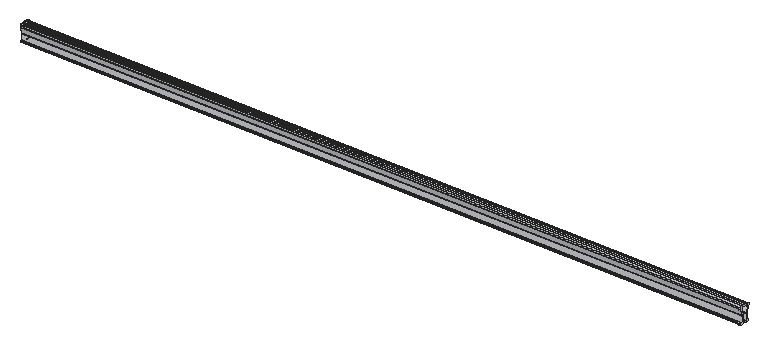
Revit family "43TSC2.75 18g Top Chord", category Structural Framing, Revit 2020
Family settings
  Section Shape = Not Defined
  Material for Model Behavior = Steel
  Always export as geometry = No
  OmniClass Number = 23.25.30.11.14.14
  OmniClass Title = Beams
  Always vertical = Yes
  Cut with Voids When Loaded = No
  Symbolic Representation = From Family
  Shared = No
  Show family pre-cut in plan views = Yes
Parameters
  Weight lbs per ft [instance] = 1.2634
  URL = "https://www.trussteel.com/details_files/pdf/ts007.pdf"
  Total Member Weight lbs [instance] = Length / 1' 0" * Weight lbs per ft  # 12.634
  Structural Material = ASTM A653 SS Grade 55 G90
  Steel Design Thickness (in) [instance] = 0.0451
  Model = "43TSC2.75"
  Manufacturer = "TrusSteel"
  Length [instance] = 10' - 0"
  Fy (ksi) [instance] = 55
  Fu (ksi) [instance] = 65
  Description = "Chord"
  Cross Section Area (in2) [instance] = 0.3716
  Beam Width = 0' - 1 1/2"
  Beam Height = 0' - 2 3/4"
Reference planes (in)
  plane 1 "Center (Front/Back)": y = 0
  plane 2 "Center El.": z = 0
  plane 3 "Center (Left/Right)": x = 0
  plane 4 "Left": x = -60
  plane 5 "Right": x = 60
Forms (in)
  Extrusion 1, solid
    sketch origin (0, 0, 0) x (0, 1, 0) y (0, 0, 1)
      loop
        line (0.7049, -0.1391) -> (0.7049, -0.43651)
        arc (0.7049, -0.43651) -> (0.70047, -0.49204) -> (0.68728, -0.54616) r 0.35
        line (0.68728, -0.54616) -> (0.39489, -1.43246)
        arc (0.39489, -1.43246) -> (0.38, -1.49356) -> (0.375, -1.55624) r 0.3951
        line (0.375, -1.55624) -> (0.375, -2.6449)
        arc (0.375, -2.6449) -> (0.40578, -2.71922) -> (0.4801, -2.75) r 0.1051
        line (0.4801, -2.75) -> (0.6449, -2.75)
        arc (0.6449, -2.75) -> (0.71922, -2.71922) -> (0.75, -2.6449) r 0.1051
        line (0.75, -2.6449) -> (0.75, -2.6051)
        arc (0.75, -2.6051) -> (0.71922, -2.53078) -> (0.6449, -2.5) r 0.1051
        line (0.6449, -2.5) -> (0.5, -2.5) -> (0.5, -2.5451) -> (0.6449, -2.5451)
        arc (0.6449, -2.5451) -> (0.68733, -2.56267) -> (0.7049, -2.6051) r 0.06
        line (0.7049, -2.6051) -> (0.7049, -2.6449)
        arc (0.7049, -2.6449) -> (0.68733, -2.68733) -> (0.6449, -2.7049) r 0.06
        line (0.6449, -2.7049) -> (0.4801, -2.7049)
        arc (0.4801, -2.7049) -> (0.43767, -2.68733) -> (0.4201, -2.6449) r 0.06
        line (0.4201, -2.6449) -> (0.4201, -1.55624)
        arc (0.4201, -1.55624) -> (0.42453, -1.50071) -> (0.43772, -1.44659) r 0.35
        line (0.43772, -1.44659) -> (0.73011, -0.56029)
        arc (0.73011, -0.56029) -> (0.745, -0.4992) -> (0.75, -0.43651) r 0.3951
        line (0.75, -0.43651) -> (0.75, -0.1391)
        arc (0.75, -0.1391) -> (0.70926, -0.04074) -> (0.6109, 0) r 0.1391
        line (0.6109, 0) -> (0.245, 0)
        arc (0.245, 0) -> (0.19269, -0.01257) -> (0.15181, -0.04755) r 0.1151
        arc (0.15181, -0.04755) -> (0, -0.125) -> (-0.15181, -0.04755) r 0.1875
        arc (-0.15181, -0.04755) -> (-0.19269, -0.01257) -> (-0.245, 0) r 0.1151
        line (-0.245, 0) -> (-0.6109, 0)
        arc (-0.6109, 0) -> (-0.70926, -0.04074) -> (-0.75, -0.1391) r 0.1391
        line (-0.75, -0.1391) -> (-0.75, -0.43651)
        arc (-0.75, -0.43651) -> (-0.745, -0.4992) -> (-0.73011, -0.56029) r 0.3951
        line (-0.73011, -0.56029) -> (-0.43772, -1.44659)
        arc (-0.43772, -1.44659) -> (-0.42453, -1.50071) -> (-0.4201, -1.55624) r 0.35
        line (-0.4201, -1.55624) -> (-0.4201, -2.6449)
        arc (-0.4201, -2.6449) -> (-0.43767, -2.68733) -> (-0.4801, -2.7049) r 0.06
        line (-0.4801, -2.7049) -> (-0.6449, -2.7049)
        arc (-0.6449, -2.7049) -> (-0.68733, -2.68733) -> (-0.7049, -2.6449) r 0.06
        line (-0.7049, -2.6449) -> (-0.7049, -2.6051)
        arc (-0.7049, -2.6051) -> (-0.68733, -2.56267) -> (-0.6449, -2.5451) r 0.06
        line (-0.6449, -2.5451) -> (-0.5, -2.5451) -> (-0.5, -2.5) -> (-0.6449, -2.5)
        arc (-0.6449, -2.5) -> (-0.71922, -2.53078) -> (-0.75, -2.6051) r 0.1051
        line (-0.75, -2.6051) -> (-0.75, -2.6449)
        arc (-0.75, -2.6449) -> (-0.71922, -2.71922) -> (-0.6449, -2.75) r 0.1051
        line (-0.6449, -2.75) -> (-0.4801, -2.75)
        arc (-0.4801, -2.75) -> (-0.40578, -2.71922) -> (-0.375, -2.6449) r 0.1051
        line (-0.375, -2.6449) -> (-0.375, -1.55624)
        arc (-0.375, -1.55624) -> (-0.38, -1.49356) -> (-0.39489, -1.43246) r 0.3951
        line (-0.39489, -1.43246) -> (-0.68728, -0.54616)
        arc (-0.68728, -0.54616) -> (-0.70047, -0.49204) -> (-0.7049, -0.43651) r 0.35
        line (-0.7049, -0.43651) -> (-0.7049, -0.1391)
        arc (-0.7049, -0.1391) -> (-0.67737, -0.07263) -> (-0.6109, -0.0451) r 0.094
        line (-0.6109, -0.0451) -> (-0.245, -0.0451)
        arc (-0.245, -0.0451) -> (-0.21319, -0.05275) -> (-0.18832, -0.07402) r 0.07
        arc (-0.18832, -0.07402) -> (0, -0.1701) -> (0.18832, -0.07402) r 0.2326
        arc (0.18832, -0.07402) -> (0.21319, -0.05275) -> (0.245, -0.0451) r 0.07
        line (0.245, -0.0451) -> (0.6109, -0.0451)
        arc (0.6109, -0.0451) -> (0.67737, -0.07263) -> (0.7049, -0.1391) r 0.094
    from -60 to 60
Dimensions and locks (in)
  equal spacing: plane 4 "Left", plane 3 "Center (Left/Right)", plane 5 "Right"
  "Length": plane 4 "Left" to plane 5 "Right"
  "Beam Width": Extrusion 1 to Extrusion 1
  "Beam Height": Extrusion 1 to Extrusion 1
  aligned and locked: level to plane 2 "Center El."
  aligned and locked: plane 4 "Left" to Extrusion 1
  aligned and locked: Extrusion 1 to plane 5 "Right"
Automatic sketch dimensions
  Extrusion 1 sketch curve to Extrusion 1 sketch curve = 0' - 0"  (x34)
  Extrusion 1 sketch curve to level = 0' - 0"  (x2)
  Extrusion 1 sketch curve to plane 1 "Center (Front/Back)" = 0' - 0"
  Extrusion 1 sketch curve to level = 0' - 0.1151"
  plane 1 "Center (Front/Back)" to Extrusion 1 sketch curve = 0' - 0.245"
  Extrusion 1 sketch curve to Extrusion 1 sketch curve = 0' - 0.1099"  (x2)
  plane 1 "Center (Front/Back)" to Extrusion 1 sketch curve = 0' - 0 3/8"
  Extrusion 1 sketch curve to Extrusion 1 sketch curve = 0' - 0.01989"  (x2)
  Extrusion 1 sketch curve to Extrusion 1 sketch curve = 0' - 0.0451"  (x3)
  Extrusion 1 sketch curve to Extrusion 1 sketch curve = 0' - 0.04283"  (x3)
  Extrusion 1 sketch curve to Extrusion 1 sketch curve = 0' - 0.06"  (x4)
  Extrusion 1 sketch curve to Extrusion 1 sketch curve = 0' - 0.0199"  (x2)
  Extrusion 1 sketch curve to Extrusion 1 sketch curve = 0' - 0.3659"  (x2)
  Extrusion 1 sketch curve to Extrusion 1 sketch curve = 0' - 0.1449"  (x2)
  Extrusion 1 sketch curve to Extrusion 1 sketch curve = 0' - 0.33238"
  Extrusion 1 sketch curve to Extrusion 1 sketch curve = 0' - 0.094"
  Extrusion 1 sketch curve to Extrusion 1 sketch curve = 0' - 0.35"  (x2)
  Extrusion 1 sketch curve to level = 0' - 0.0451"
  Extrusion 1 sketch curve to plane 1 "Center (Front/Back)" = 0' - 0.245"
  Extrusion 1 sketch curve to plane 1 "Center (Front/Back)" = 0' - 0 3/8"
  Extrusion 1 sketch curve to level = 0' - 0.1391"
  Extrusion 1 sketch curve to level = 0' - 0.54616"
  Extrusion 1 sketch curve to Extrusion 1 sketch curve = 0' - 0.01762"
  Extrusion 1 sketch curve to level = 0' - 0.56029"
  Extrusion 1 sketch curve to Extrusion 1 sketch curve = 0' - 0.99595"
  Extrusion 1 sketch curve to Extrusion 1 sketch curve = 0' - 0.12378"
  Extrusion 1 sketch curve to Extrusion 1 sketch curve = 0' - 0.94376"  (x2)
  Extrusion 1 sketch curve to Extrusion 1 sketch curve = 0' - 0.0398"
  Extrusion 1 sketch curve to Extrusion 1 sketch curve = 0' - 0.0998"
  Extrusion 1 sketch curve to Extrusion 1 sketch curve = 0' - 0.42119"
  Extrusion 1 sketch curve to Extrusion 1 sketch curve = 0' - 0.07"
  level to Extrusion 1 sketch curve = 0' - 0 1/16"
